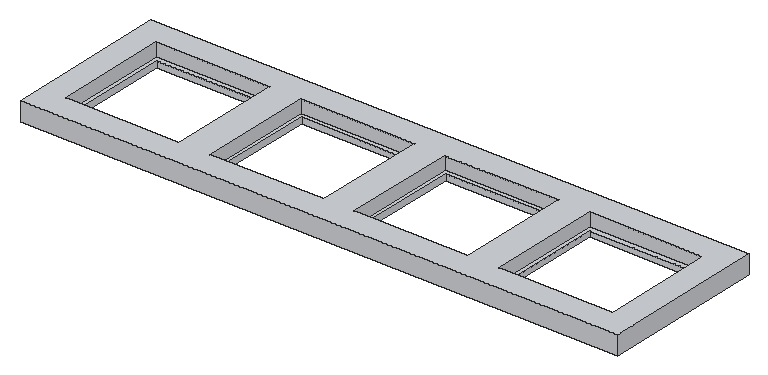
Revit family "Gira_021425", category Electrical Fixtures, host Face, Revit 2017
Family settings
  Host = Face
  Maintain Annotation Orientation = No
  Round Connector Dimension = Use Diameter
  Part Type = Normal
  Cut with Voids When Loaded = No
  Shared = No
  Room Calculation Point = No
Parameters (values of type "Abdeckrahmen 4f Gira E2 F Alu")
  Werkstoffgüte = "Thermoplast"
  Werkstoff = "Kunststoff"
  URL = "http://katalog.gira.de/de_DE/datenblatt.html?artikelnr=021425"
  Transparent = "No"
  Textfeld/Beschriftungsfläche = "No"
  Schutzart (IP) = "IP21"
  Region = "DE"
  Oberfläche = "sonstige"
  Name = "Abdeckrahmen 4f Gira E2 F Alu"
  Montagerichtung = "horizontal und vertikal"
  Mit Montagerahmen = "No"
  Mit Klappdeckel = "No"
  Manufacturer URL = "https://www.gira.de/"
  Keynote = "E2_Rahmen_4fach"
  HeinzeBIM = "https://bimportal.heinze.de/bim/abdeckrahmen-4f-gira-e2-f-alu/23ff7934ff1922f2dd76ba5e19956f72fea7f036"
  Halogenfrei = "Yes"
  HAN = "021425"
  Geeignet für Unterputz-Installation = "Yes"
  Geeignet für Unterflurkanaldose = "No"
  Geeignet für Geräteeinbaukanal = "No"
  Geeignet für Einbauinstallation = "No"
  GTIN = "4010337214250"
  Farbe = "aluminium"
  Default Elevation = 1219.2 mm
  Data sheet (1) = "https://katalog.gira.de/de_DE/download.html?artikelnr=021425"
  Category = "Abdeckrahmen"
  Befestigungsart = "Klemmbefestigung"
  Available = "Yes"
  Anzahl der Einheiten vertikal = "4 "
  Anzahl der Einheiten horizontal = "4 "
  Anzahl der Einheiten = "4 "
Reference planes
  plane 1 "Center (Front/Back)": y = 0
  plane 2: z = 0
  plane 3 "Center (Left/Right)": x = 0
Forms (mm)
  Extrusion 1, solid, detail levels fine
    sketch origin (0, 0, 0) x (1, 0, 0) y (0, 1, 0)
      loop
        line (147.35, 40.4) -> (-147.35, 40.4) -> (-147.35, -40.4) -> (147.35, -40.4) -> (147.35, 40.4)
      loop
        line (78.898, 28.052) -> (78.898, -28.052) -> (135.002, -28.052) -> (135.002, 28.052) -> (78.898, 28.052)
      loop
        line (7.598, 28.052) -> (7.598, -28.052) -> (63.702, -28.052) -> (63.702, 28.052) -> (7.598, 28.052)
      loop
        line (-63.702, 28.052) -> (-63.702, -28.052) -> (-7.598, -28.052) -> (-7.598, 28.052) -> (-63.702, 28.052)
      loop
        line (-135.002, 28.052) -> (-135.002, -28.052) -> (-78.898, -28.052) -> (-78.898, 28.052) -> (-135.002, 28.052)
    from 0 to 9.3
  Extrusion 2, solid, detail levels fine
    sketch origin (-106.85, 0, 0) x (1, 0, 0) y (0, 1, 0)
      loop
        line (-28.152, -28.152) -> (28.152, -28.152) -> (28.152, 28.152) -> (-28.152, 28.152) -> (-28.152, -28.152)
      loop
        line (25.9, -25.7) -> (25.9, 25.7) -> (-25.9, 25.7) -> (-25.9, -25.7) -> (25.9, -25.7)
    from 0 to 3
  Extrusion 3, solid, detail levels coarse+medium
    sketch origin (0, 0, 0) x (1, 0, 0) y (0, 1, 0)
      loop
        line (147.35, 40.4) -> (-147.35, 40.4) -> (-147.35, -40.4) -> (147.35, -40.4) -> (147.35, 40.4)
    from 0 to 9.3
  Extrusion 4, solid, detail levels fine
    sketch origin (-35.55, -0.047, 0) x (1, 0, 0) y (0, 1, 0)
      loop
        line (-28.152, -28.106) -> (28.152, -28.106) -> (28.152, 28.199) -> (-28.152, 28.199) -> (-28.152, -28.106)
      loop
        line (25.9, -25.653) -> (25.9, 25.747) -> (-25.9, 25.747) -> (-25.9, -25.653) -> (25.9, -25.653)
    from 0 to 3
  Extrusion 5, solid, detail levels fine
    sketch origin (106.85, -0.047, 0) x (1, 0, 0) y (0, 1, 0)
      loop
        line (-27.952, -28.006) -> (28.152, -28.006) -> (28.152, 28.099) -> (-27.952, 28.099) -> (-27.952, -28.006)
      loop
        line (26, -25.653) -> (26, 25.747) -> (-25.9, 25.747) -> (-25.9, -25.653) -> (26, -25.653)
    from 0 to 3
  Extrusion 6, solid, detail levels fine
    sketch origin (35.55, -0.047, 0) x (1, 0, 0) y (0, 1, 0)
      loop
        line (-27.952, -28.006) -> (28.152, -28.006) -> (28.152, 28.099) -> (-27.952, 28.099) -> (-27.952, -28.006)
      loop
        line (26, -25.653) -> (26, 25.747) -> (-25.9, 25.747) -> (-25.9, -25.653) -> (26, -25.653)
    from 0 to 3
Dimensions and locks
  aligned and locked: plane 2 to host face
  aligned and locked: level to host face
